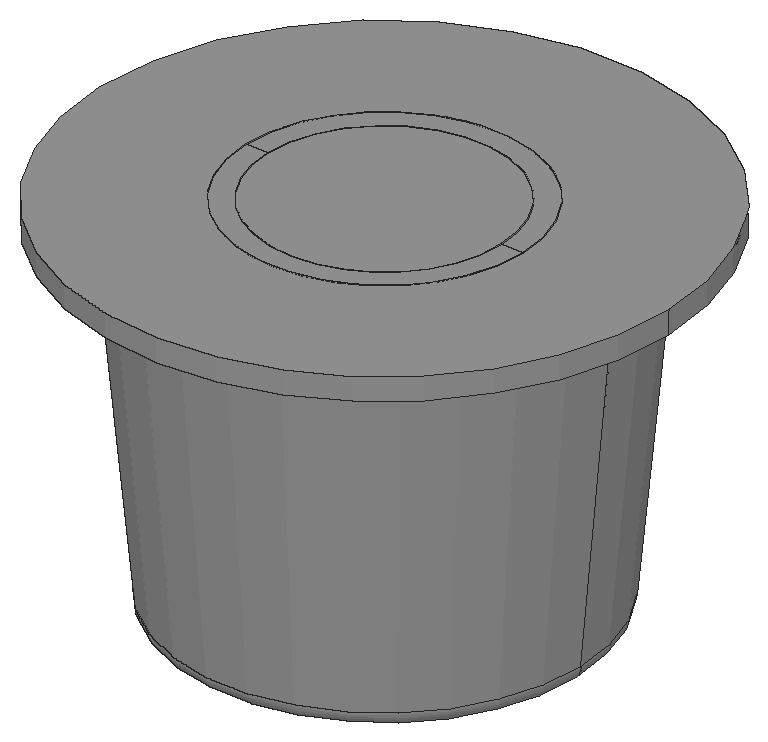
Revit family "3079337 Feilo Sylvania Lighting Fixture INST ECO KIT LED BA 36° NW", category Lighting Fixtures, host Face, Revit 2017
Family settings
  Host = Face
  Round Connector Dimension = Use Diameter
  Part Type = Normal
  OmniClass Number = 23.80.70.11.17
  OmniClass Title = Specialized Lighting by Location or Use
  Cut with Voids When Loaded = No
  Light Source = Yes
  Shared = No
  Room Calculation Point = No
Parameters (values of type "3079337 INST ECO KIT LED BA 36° NW")
  Weight = "5.08 kg"
  WarrantyStartDate [instance] = "n/a"
  WarrantyGuarantorParts = "n/a"
  WarrantyDurationUnit = "n/a"
  WarrantyDurationParts = "n/a"
  WarrantyDescription = "n/a"
  Voltage = 230 V
  TypeName = "INST ECO KIT LED BA 36° NW"
  SerialNumber [instance] = "n/a"
  ReflectorRadius_FEILO = ReflectorDiameter_FEILO / 2  # 19.0 mm
  PowerFactor = 0
  PowerConsumption = "10 W"
  NominalWidth = 0.0 mm
  NominalLength = 78.0 mm
  NominalHeight = 50.0 mm
  Name = "INST ECO KIT LED BA 36° NW"
  ModelReference = "INST ECO KIT LED BA 36° NW"
  ModelNumber = "3079337"
  Material_1_FEILO = Steel_Sylvania_Instar Eco Kit LED Fixed SunDim_Silver
  ReflectorDiameter_FEILO = Diameter_FEILO - 40.0 mm  # 38.0 mm
  Radius_FEILO = 39.0 mm
  Material = "aluminium housing, plastic diffuser"
  ManufacturerName = "Feilo Sylvania"
  LuminousEfficacy = "51.5 lm/W"
  LuminaireType = ""
  LightOutputRatio = "100"
  LampsType = Lamp  # "LED"
  LampNominalLuminous = "515 lm"
  LampMacAdamStep = "n/a"
  LampColourTemperature = "4000 K"
  LampColourRenderingIndex = "83"
  Keynote = "16500"
  InstallationDate [instance] = "n/a"
  InputVoltage = "220-240V~"
  InputNominalFrequency = "n/a"
  IngressProtection = "IP44"
  ImpactProtectionIndex = "IK02"
  IfcExportType = "IfcLightFixtureType"
  IfcExportAs = "IfcLightFixtureType"
  HousingRadius_FEILO = ReflectorRadius_FEILO + 12.0 mm  # 31.0 mm
  ExpectedLife = 50000
  ElectricShockClassification = "Class II"
  DurationUnit = "hours"
  DocumentationLiterature = "http://www.sylvania-lighting.com/product/en-int/products/3079337"
  DimmingControlOptions = "Dimmable"
  DiffuserDiameter_FEILO = Diameter_FEILO - 46.0 mm  # 32.0 mm
  Diameter_FEILO = Radius_FEILO * 2  # 78.0 mm
  Wattage = 10 W
  built-in parameter 1150110 = 1 (stored number, unit not read)
  URL = "http://www.sylvania-lighting.com"
  built-in parameter 1114217 = 1 (stored number, unit not read)
  Tilt Angle = -90°
  built-in parameter 1150109 = 1 (stored number, unit not read)
  built-in parameter 1150134 = 12
  built-in parameter 1150113 = 1 (stored number, unit not read)
  Photometric Web File = "3079337.ies"
  Emit from Circle Diameter = DiffuserDiameter_FEILO  # 32.0 mm
  Emit Shape Visible in Rendering = no
  Material_2_FEILO = Polycarbonate_Sylvania_Instar Eco Kit LED Fixed SunDimi_Clear
  CutoutDiameter_FEILO = Diameter_FEILO - 10.0 mm  # 68.0 mm
  CreatedOn = "2/19/2018"
  CreatedBy = ""
  built-in parameter 1114216 [instance] = 1 (stored number, unit not read)
  Model = "INST ECO KIT LED BA 36° NW"
  Manufacturer = "Feilo Sylvania"  # constant formula
  built-in parameter 1150105 = 981.6 (stored number, unit not read)
  Lumens = 515 lm
  built-in parameter 1150115 = 1 (stored number, unit not read)
  built-in parameter 1150137 = (empty or 0)
  built-in parameter 1150139 = (empty or 0)
  built-in parameter 1150112 = 1 (stored number, unit not read)
  built-in parameter 1150114 = 1 (stored number, unit not read)
  Lamp = "LED"
  built-in parameter 1150132 = 2
  built-in parameter 1150102 = (empty or 0)
  built-in parameter 1150107 = 4000 (stored number, unit not read)
  built-in parameter 1150138 = (empty or 0)
  built-in parameter 1150106 = 9.816 (stored number, unit not read)
  Material_3_FEILO = Steel_Sylvania_Instar Eco Kit LED Fixed SunDim_Silver
  built-in parameter 1150104 = 4.7845 (stored number, unit not read)
  Dimming Lamp Color Temperature Shift = <None>
  Description = "Significant energy savings compared to traditional CFL and 2D fixtures . Excellent flashing provides perfect homogenous light distribution . Unique feature allowing a choice between High Output or High efficiency with the flick of a switch. 50,000 hours life, providing a maintenance free lighting solution . Halo backlight . IP65 fitting resistant to dust and water jet ingress. Tamper resistant locking feature . Ceiling or wall mounted . Integral emergency options suitable for use on defined escape routes. Low profile fitting . Choice of White and Brushed Aluminium trim finishes. Option to add microwave sensor for maximum energy savings"  # constant formula
  Default Elevation = 0.0 mm
  Color Filter = 16777215
  built-in parameter 1140040 [instance] = 1
  BarCode [instance] = "n/a"
  built-in parameter 1114218 = 1 (stored number, unit not read)
  built-in parameter 1150133 = 10 (stored number, unit not read)
  AssetType = "Fixed"
  AssetIdentifier [instance] = "n/a"
  Assembly Code = "D5020200"
  Apparent Load = 10 VA
  Material_4_FEILO = Steel_Sylvania_Instar Eco Kit LED Fixed SunDim_Silver
Reference planes
  plane 1 "Center (Front/Back)": y = 0
  plane 2: z = 0
  plane 3 "Center (Left/Right)": x = 0
  plane 4 "Fixture Bottom": z = 3
  plane 5 "Reflector Top": z = -17.5
  plane 6 "Fixture Top": z = -47
  plane 7: z = -3.024
Forms (mm)
  Extrusion 1, solid, material "Steel_Sylvania_Instar Eco Kit LED Fixed SunDim_Silver" <- "Material_4_FEILO", detail levels fine
    sketch origin (0, 0, 59) x (-1, 0, 0) y (0, -1, 0)
      loop
        circle (0, 0) r 39
      loop
        circle (0, 0) r 19
    from -59 to -56
  Revolve 2, solid, material "Steel_Sylvania_Instar Eco Kit LED Fixed SunDim_Silver" <- "Material_1_FEILO", detail levels fine
    sketch origin (0, 0, 0) x (1, 0, 0) y (0, 0, 1)
      loop
        line (-19, 3) -> (-19, -1) -> (-16, -1)
        arc (-16, -1) -> (-13.541, -10.449) -> (-6.787, -17.5) r 19.382
        line (-6.787, -17.5) -> (0, -17.5) -> (0, -16.5) -> (-6.5, -16.5)
        arc (-6.5, -16.5) -> (-12.736, -9.839) -> (-15, -1) r 18.382
        line (-15, -1) -> (-15, 0) -> (-16, 0) -> (-16, 3) -> (-19, 3)
      axis (0, 3) -> (0, -17.5)
    angle from 0 to 360
  Extrusion 3, solid, material "Polycarbonate_Sylvania_Instar Eco Kit LED Fixed SunDimi_Clear" <- "Material_2_FEILO", detail levels fine
    sketch origin (0, 0, 59) x (-1, 0, 0) y (0, -1, 0)
      loop
        circle (0, 0) r 16
    from -59 to -56
  Revolve 4, solid, material "Steel_Sylvania_Instar Eco Kit LED Fixed SunDim_Silver" <- "Material_3_FEILO", detail levels fine
    sketch origin (0, 0, 0) x (1, 0, 0) y (0, 0, 1)
      loop
        line (-31, -3.024) -> (-27, -45)
        arc (-27, -45) -> (-26.414, -46.414) -> (-25, -47) r 2
        line (-25, -47) -> (0, -47) -> (0, -45) -> (-24.991, -45) -> (-29, -2.929) -> (-29, 0) -> (-31, 0) -> (-31, -3.024)
      axis (0, 0) -> (0, -47)
    angle from 0 to 360
  Extrusion 5, void
    sketch origin (0, 0, 59) x (-1, 0, 0) y (0, -1, 0)
      loop
        circle (0, 0) r 34
    from -106 to -56
  Revolve 6, solid, material "Steel_Sylvania_Instar Eco Kit LED Fixed SunDim_Silver" <- "Material_4_FEILO", detail levels coarse+medium
    sketch origin (0, 0, 0) x (1, 0, 0) y (0, 0, 1)
      loop
        line (-31, -3.024) -> (-26.809, -47) -> (0, -47) -> (0, 3) -> (-39, 3) -> (-39, 0) -> (-31, 0) -> (-31, -3.024)
      axis (0, 3) -> (0, -47)
    angle from 0 to 360
Dimensions and locks
  plane 4 "Fixture Bottom" to plane 2 to plane 7 to plane 5 "Reflector Top" = 3.0 mm locked, 3.024 mm locked, 14.476 mm locked
  "ReflectorRadius_FEILO": plane 3 "Center (Left/Right)" to Revolve 2 sketch curve
  Revolve 2 sketch curve to Revolve 2 sketch curve to Revolve 2 sketch curve to Revolve 2 sketch curve = 3.0 mm locked, 1.0 mm locked, 8.5 mm locked
  locked: plane 4 "Fixture Bottom" to Revolve 2 sketch curve at 4
  locked: Revolve 2 sketch curve to Revolve 2 sketch curve at 1
  locked: Revolve 2 sketch curve to plane 5 "Reflector Top" at 1
  plane 4 "Fixture Bottom" to plane 6 "Fixture Top" = 50.0 mm
  "HousingRadius_FEILO": plane 3 "Center (Left/Right)" to Revolve 4 sketch curve
  locked: Revolve 4 sketch curve to Revolve 4 sketch curve at 4
  locked: Revolve 4 sketch curve to Revolve 4 sketch curve at 6
  locked: Revolve 4 sketch curve to Revolve 4 sketch curve at 2  (x2)
  locked: Revolve 4 sketch curve to plane 6 "Fixture Top" at 2
  "Radius_FEILO": plane 3 "Center (Left/Right)" to Revolve 6 sketch curve
  Revolve 6 sketch curve to Revolve 6 sketch curve to Revolve 6 sketch curve = 4.191 mm locked, 8.0 mm locked
  "Diameter_FEILO": diameter of Extrusion 1 sketch curve
  "ReflectorDiameter_FEILO": diameter of Extrusion 1 sketch curve
  "DiffuserDiameter_FEILO": diameter of Extrusion 3 sketch curve
  "CutoutDiameter_FEILO": diameter of Extrusion 5 sketch curve
  aligned and locked: plane 2 to host face
  aligned and locked: level to host face
  aligned and locked: Extrusion 1 to plane 2
  aligned and locked: plane 4 "Fixture Bottom" to Extrusion 1
  aligned and locked: Extrusion 1 to Revolve 2 sketch curve
  aligned and locked: Revolve 2 sketch curve to plane 5 "Reflector Top"
  aligned and locked: Revolve 2 sketch curve to plane 3 "Center (Left/Right)"
  aligned and locked: Revolve 2 sketch curve to Revolve 2 sketch curve
  aligned and locked: Extrusion 3 to plane 2
  aligned and locked: plane 4 "Fixture Bottom" to Extrusion 3
  aligned and locked: Revolve 4 sketch curve to plane 2
  aligned and locked: Revolve 4 sketch curve to plane 3 "Center (Left/Right)"  (x2)
  aligned and locked: plane 6 "Fixture Top" to Extrusion 5
  aligned and locked: plane 4 "Fixture Bottom" to Extrusion 5
  aligned and locked: Revolve 6 sketch curve to plane 4 "Fixture Bottom"
  aligned and locked: Revolve 6 sketch curve to plane 2
  aligned and locked: Revolve 6 sketch curve to plane 6 "Fixture Top"
  aligned and locked: plane 1 "Center (Front/Back)" to imposter light
  aligned and locked: plane 3 "Center (Left/Right)" to imposter light
  aligned and locked: imposter light to plane 4 "Fixture Bottom"
Automatic sketch dimensions
  host sketch curve to host sketch curve = 1525.184 mm
  host sketch curve to host sketch curve = 1539.302 mm
  Extrusion 1 sketch curve to Extrusion 1 sketch curve = 0.0 mm  (x2)
  plane 1 "Center (Front/Back)" to Extrusion 1 sketch curve = 0.0 mm
  Extrusion 1 sketch curve to plane 3 "Center (Left/Right)" = 0.0 mm
  Revolve 2 sketch curve to Revolve 2 sketch curve = 0.0 mm  (x2)
  Revolve 2 sketch curve to plane 3 "Center (Left/Right)" = 0.0 mm
  Revolve 2 sketch curve to level = 0.0 mm
  plane 6 "Fixture Top" to Revolve 2 sketch curve = 306.274 mm
  plane 4 "Fixture Bottom" to Revolve 2 sketch curve = 426.738 mm
  plane 1 "Center (Front/Back)" to Extrusion 3 sketch curve = 0.0 mm
  Extrusion 3 sketch curve to plane 3 "Center (Left/Right)" = 0.0 mm
  Revolve 4 sketch curve to plane 6 "Fixture Top" = 0.0 mm
  Revolve 4 sketch curve to plane 7 = 0.0 mm
  plane 6 "Fixture Top" to Revolve 4 sketch curve = 325.274 mm
  plane 4 "Fixture Bottom" to Revolve 4 sketch curve = 446.738 mm
  plane 1 "Center (Front/Back)" to Extrusion 5 sketch curve = 0.0 mm
  Extrusion 5 sketch curve to plane 3 "Center (Left/Right)" = 0.0 mm
  Revolve 6 sketch curve to plane 3 "Center (Left/Right)" = 0.0 mm  (x2)
  Revolve 6 sketch curve to plane 7 = 0.0 mm
  Revolve 6 sketch curve to plane 4 "Fixture Bottom" = 0.0 mm
  plane 6 "Fixture Top" to Revolve 6 sketch curve = 325.274 mm
Connectors
  electrical at (0, 0, -47), driven by "Apparent Load", driven by "Voltage", driven by "PowerFactor"
    settings: on Revolve 6, index 1, voltage 230 V, apparent load 0 VA, apparent load phase1 10 VA, apparent load phase2 0 VA, apparent load phase3 0 VA, power factor 0, load classification "Lighting", number of poles 1, system type 31, power factor state 1, is connector primary yes, connector utility no, sub classification motor no, connector description ""
